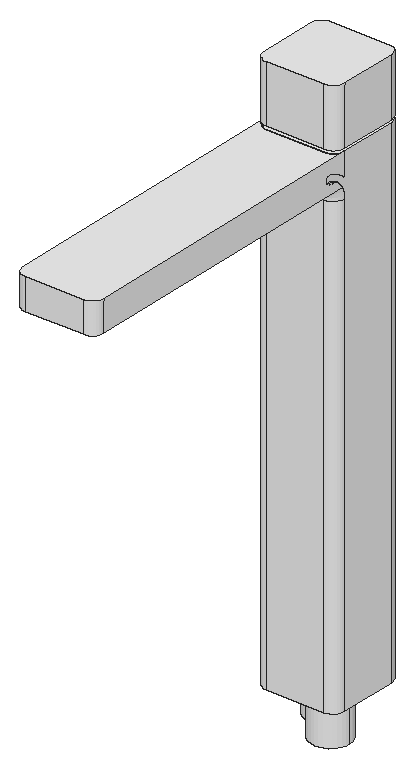
Revit family "Mixer-Basin-Dorf Epic Bloc Progressive-Tower1", category Plumbing Fixtures, host Face, Revit 2014
Parameters (values of type "Chrome")
  Width_ANZRS = 198.000 mm  # constant formula
  Waste Connection = no
  WELSRating_ANZRS = "WELS 5 Star rated, 6L/min"  # constant formula
  Vent Connection = no
  URL = "http://specify.caroma.com.au"
  Type Comments = "Dorf Epic Bloc Progressive Tower Basin Mixer - Chrome"
  ModifiedIssue_ANZRS = 20161103.01  # constant formula
  Model = "6567.045A"
  Material_ANZRS = Metal-Chrome-Caroma
  Manufacturer = "GWA Bathrooms & Kitchens"  # constant formula
  Length_ANZRS = 42.000 mm  # constant formula
  Height_ANZRS = 292.000 mm  # constant formula
  Handle = Metal-Chrome-Caroma
  HWFU = 1.58  # constant formula
  HW Connection = yes
  Description = ""
  Default Elevation = 0.000 mm
  CreatedBy_ANZRS = "Design Content"  # constant formula
  CreatedByURL_ANZRS = "http://www.designcontent.com.au"
  Cost = 0
  Connector Radius = 10.000 mm  # constant formula
  CWFU = 1.58  # constant formula
  CW Connection = yes
  Assembly Code = "D2020300"
Types (7, lengths in mm): name | Type Comments | Model | Material_ANZRS | Handle
  (no name) | "Dorf Epic Bloc Progressive Tower Basin Mixer - Chrome" | "6567.045A" | Metal-Chrome-Caroma | Metal-Chrome-Caroma
  Chrome | "Dorf Epic Bloc Progressive Tower Basin Mixer - Chrome" | "6567.045A" | Metal-Chrome-Caroma | Metal-Chrome-Caroma
  Black | "Dorf Bloc Progressive Tower Basin Mixer - Black" | "6567.905A" | Metal-Brass-Powdercoated-Matte Black | Metal-Brass-Powdercoated-Matte Black
  Chrome with Black Handle | "Dorf Bloc Progressive Tower Basin Mixer - Chrome with Black Handle" | "6572.045A" | Metal-Chrome-Caroma | Metal-Brass-Powdercoated-Matte Black
  Black with Copper Handle | "Dorf Bloc Progressive Tower Basin Mixer - Black with Copper Handle" | "6573.905A" | Metal-Brass-Powdercoated-Matte Black | Metal-Copper-Satin
  Black with Gold Handle | "Dorf Bloc Progressive Tower Basin Mixer - Black with Gold Handle" | "6574.905A" | Metal-Brass-Powdercoated-Matte Black | Metal-Gold-Fine
  Black with Rose Gold Handle | "Dorf Bloc Progressive Tower Basin Mixer - Black with Rose Gold Handle" | "6572.905A" | Metal-Brass-Powdercoated-Matte Black | Metal-Gold-Rose
Reference planes
  plane 1 "Center (Front/Back)": y = 0
  plane 2: z = 0
  plane 3 "Center (Left/Right)": x = 0
  plane 4 "Left": x = -21
  plane 5 "Right": x = 21
  plane 6 "Back": y = 21
  plane 7 "Front": y = -177
  plane 8 "Top": z = 292
Forms (mm)
  Extrusion 1, solid, material "Metal-Chrome-Caroma" <- "Material_ANZRS"
    sketch origin (14.142, 0, 0) x (1, 0, 0) y (0, 1, 0)
      loop
        circle (-7.071, -7.071) r 10
    from -20 to 0
  Extrusion 2, solid, material "Metal-Chrome-Caroma" <- "Material_ANZRS"
    sketch origin (-14.142, 0, 0) x (-1, 0, 0) y (0, -1, 0)
      loop
        circle (-7.071, -7.071) r 10
    from -20 to 0
  Extrusion 3, solid, material "Metal-Chrome-Caroma" <- "Material_ANZRS"
    sketch origin (0, 0, 0) x (1, 0, 0) y (0, 1, 0)
      loop
        arc (-15, 21) -> (-19.243, 19.243) -> (-21, 15) r 6
        line (-21, 15) -> (-21, -15)
        arc (-21, -15) -> (-19.243, -19.243) -> (-15, -21) r 6
        line (-15, -21) -> (15, -21)
        arc (15, -21) -> (19.243, -19.243) -> (21, -15) r 6
        line (21, -15) -> (21, 15)
        arc (21, 15) -> (19.243, 19.243) -> (15, 21) r 6
        line (15, 21) -> (-15, 21)
    from 0 to 260
  Extrusion 4, solid, material "Metal-Chrome-Caroma" <- "Material_ANZRS"
    sketch origin (0, 0, 0) x (1, 0, 0) y (0, 1, 0)
      loop
        arc (-21, -171) -> (-19.243, -175.243) -> (-15, -177) r 6
        line (-15, -177) -> (15, -177)
        arc (15, -177) -> (19.243, -175.243) -> (21, -171) r 6
        line (21, -171) -> (21, -15)
        arc (21, -15) -> (19.243, -19.243) -> (15, -21) r 6
        line (15, -21) -> (-15, -21)
        arc (-15, -21) -> (-19.243, -19.243) -> (-21, -15) r 6
        line (-21, -15) -> (-21, -171)
    from 244 to 260
  Revolve 5, solid, material "Metal-Chrome-Caroma" <- "Material_ANZRS"
    sketch origin (0, 0, 130) x (0, 1, 0) y (0, 0, 1)
      loop
        line (0, 130) -> (18.7, 130)
        arc (18.7, 130) -> (12.848, 142.523) -> (0, 147.623) r 18.733
        line (0, 147.623) -> (0, 130)
      axis (0, 147.623) -> (0, 130)
    angle from 0 to 360
  Extrusion 6, solid, material "Metal-Chrome-Caroma" <- "Handle"
    sketch origin (0, 0, 0) x (1, 0, 0) y (0, 1, 0)
      loop
        line (-21, 15) -> (-21, -15)
        arc (-21, -15) -> (-19.243, -19.243) -> (-15, -21) r 6
        line (-15, -21) -> (15, -21)
        arc (15, -21) -> (19.243, -19.243) -> (21, -15) r 6
        line (21, -15) -> (21, 15)
        arc (21, 15) -> (19.243, 19.243) -> (15, 21) r 6
        line (15, 21) -> (-15, 21)
        arc (-15, 21) -> (-19.243, 19.243) -> (-21, 15) r 6
    from 261.5 to 291.5
  Sweep 7, solid, material "Metal-Chrome-Caroma" <- "Material_ANZRS"
    path origin (0, 0, 0) x (0, 1, 0) y (0, 0, 1)
      loop
        line (-21, 0) -> (-21, 238)
        arc (-21, 238) -> (-22.757, 242.243) -> (-27, 244) r 6
    profile origin (0, -21, 119) x (0, -1, 0) y (1, 0, 0)
      loop
        arc (-6, -21) -> (-1.757, -19.243) -> (0, -15) r 6
        line (0, -15) -> (0, 15)
        arc (0, 15) -> (-1.757, 19.243) -> (-6, 21) r 6
        line (-6, 21) -> (-9.064, 21) -> (-9.064, -21) -> (-6, -21)
Cuts and joins
  joined: Extrusion 3, Sweep 7
Lines and regions (mm)
  Masking region 1
    outline origin (0, 0, 0) x (1, 0, 0) y (0, 1, 0)
      loop
        line (-21, 15) -> (-21, -171)
        arc (-21, -171) -> (-19.243, -175.243) -> (-15, -177) r 6
        line (-15, -177) -> (15, -177)
        arc (15, -177) -> (19.243, -175.243) -> (21, -171) r 6
        line (21, -171) -> (21, 15)
        arc (21, 15) -> (19.243, 19.243) -> (15, 21) r 6
        line (15, 21) -> (-15, 21)
        arc (-15, 21) -> (-19.243, 19.243) -> (-21, 15) r 6
  Masking region 2
    outline origin (0, 0, 0) x (0, 1, 0) y (0, 0, 1)
      loop
        line (21, 0) -> (21, 260) -> (18.7, 260)
        arc (18.7, 260) -> (18.64, 260.752) -> (18.55, 261.5) r 18.653
        line (18.55, 261.5) -> (21, 261.5) -> (21, 291.5) -> (-21, 291.5) -> (-21, 261.5) -> (-18.55, 261.5)
        arc (-18.55, 261.5) -> (-18.64, 260.752) -> (-18.7, 260) r 18.653
        line (-18.7, 260) -> (-177, 260) -> (-177, 244) -> (-27, 244)
        arc (-27, 244) -> (-22.757, 242.243) -> (-21, 238) r 6
        line (-21, 238) -> (-21, 0) -> (21, 0)
  Masking region 3
    outline origin (0, 0, 0) x (1, 0, 0) y (0, 0, 1)
      loop
        line (-21, 0) -> (21, 0) -> (21, 260) -> (18.7, 260) -> (18.516, 261.5) -> (21, 261.5) -> (21, 291.5) -> (-21, 291.5) -> (-21, 261.5) -> (-18.516, 261.5) -> (-18.7, 260) -> (-21, 260) -> (-21, 0)
  symbolic lines, style "Taps/Mixers"
    curve 1: arc (-21, -15, 0) -> (-19.243, -19.243, 0) -> (-15, -21, 0) r 6
    curve 2: line (-15, -21, 0) -> (15, -21, 0)
    curve 3: arc (15, -21, 0) -> (19.243, -19.243, 0) -> (21, -15, 0) r 6
    curve 4: line (0, 18.7, 260) -> (0, -18.7, 260)
    curve 5: line (0, 21, 261.5) -> (0, -21, 261.5)
    curve 6: line (-21, 0, 261.5) -> (21, 0, 261.5)
    curve 7: line (-18.7, 0, 260) -> (18.7, 0, 260)
    curve 8: line (-21, 0, 244) -> (21, 0, 244)
Dimensions and locks
  plane 7 "Front" to plane 6 "Back" = 198.000 mm
  plane 4 "Left" to plane 5 "Right" = 42.000 mm
  aligned and locked: plane 2 to host face
  aligned and locked: level to host face
Connectors
  piping at (7.071, -7.071, -20), diameter 20, driven by "Connector Radius", driven by "CWFU"
    settings: on Extrusion 1, index 5, connector inside diameter 0.7874", connector length 0.000 mm, flow factor 0, pipe flow 0 GPM, pressure drop 0.00 psi, fitting loss kfactor 0, connector angle 0.00°, fixture units 1.58, engagement length 0.000 mm, angle of deflection 0.00°, flow configuration 3, flow direction 1, fitting loss method 101, system type 20, joint type 0, gender type 0, connector reference index -1, connector utility 0, adjustable connector no, is connector primary yes, connector description ""
  piping at (-7.071, 7.071, -20), diameter 20, driven by "Connector Radius", driven by "HWFU"
    settings: on Extrusion 2, index 6, connector inside diameter 0.7874", connector length 0.000 mm, flow factor 0, pipe flow 0 GPM, pressure drop 0.00 psi, fitting loss kfactor 0, connector angle 0.00°, fixture units 1.58, engagement length 0.000 mm, angle of deflection 0.00°, flow configuration 3, flow direction 1, fitting loss method 101, system type 19, joint type 0, gender type 0, connector reference index -1, connector utility 0, adjustable connector no, is connector primary no, connector description ""
